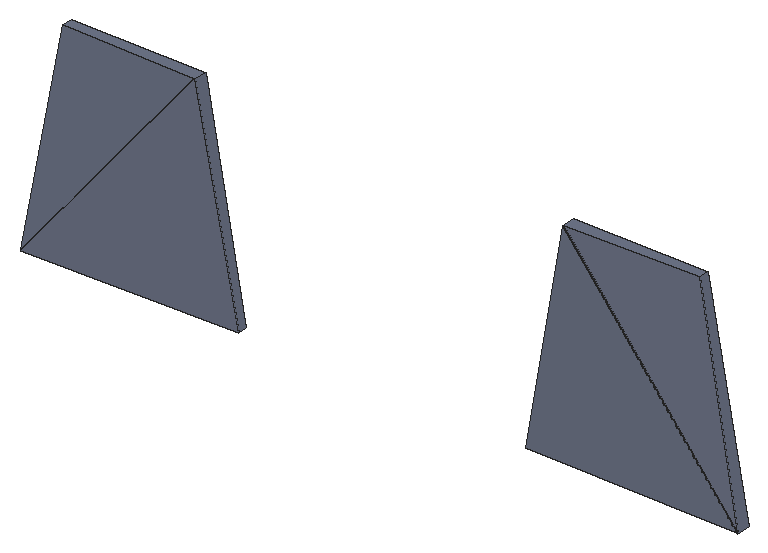
Revit family "Waveline 3D Large(Left + Right)", category Generic Models, Revit 2019
Family settings
  Can host rebar = No
  Round Connector Dimension = Use Diameter
  Part Type = Normal
  Work Plane-Based = No
  Always vertical = Yes
  Cut with Voids When Loaded = No
  Shared = No
  Room Calculation Point = No
Parameters
  Xorel = Meteor 751
Reference planes (in)
  plane 1 "Center (Front/Back)": y = -8.31273
  plane 2: z = 0
  plane 3 "Center (Left/Right)": x = 0
Forms (in)
  Extrusion 1, solid, material "Meteor 751" <- "Xorel"
    sketch origin (7.75555, -8.31273, 0) x (1, 0, 0) y (0, 0, 1)
      loop
        line (6.66701, 22.26778) -> (2.91701, 2.26778) -> (22.91701, 2.26778) -> (19.16701, 22.26778) -> (6.66701, 22.26778)
    from 0 to 1.25
  Extrusion 2, solid, material "Meteor 751"
    sketch origin (-39.24445, -8.06273, 0) x (1, 0, 0) y (0, 0, 1)
      loop
        line (6.66701, 22.26778) -> (2.91701, 2.26778) -> (22.91701, 2.26778) -> (19.16701, 22.26778) -> (6.66701, 22.26778)
    from 0 to 1.25
  Extrusion 3, void
    sketch origin (31.9371, -8.93773, 9.64442) x (0, 1, 0) y (0.777146, 0, 0.62932)
      loop
        line (-0.625, 5.58279) -> (-0.625, -5.625) -> (-0.34481, 5.58279) -> (-0.625, 5.58279)
    from -21.33922 to 5.34446
  Extrusion 4, void
    sketch origin (23.12859, -8.93773, 2.51143) x (0, 1, 0) y (0.777146, 0, 0.62932)
      loop
        line (-0.625, -10.33279) -> (-0.22606, -10.33279) -> (-0.625, 5.625) -> (-0.625, -10.33279)
    from -21.33922 to 5.34446
  Extrusion 5, void
    sketch origin (-28.53996, -8.68773, 2.87922) x (0, 1, 0) y (0.777146, 0, -0.62932)
      loop
        line (-0.625, 11.375) -> (-0.625, -5.625) -> (-0.2, 11.375) -> (-0.625, 11.375)
    from -20.93433 to 5.74935
  Extrusion 6, void
    sketch origin (-37.34847, -8.68773, 10.01221) x (0, 1, 0) y (0.777146, 0, -0.62932)
      loop
        line (-0.625, -11.375) -> (-0.2, -11.375) -> (-0.625, 5.625) -> (-0.625, -11.375)
    from -20.93433 to 5.74935
Cuts and joins
  Extrusion 3, Extrusion 4 cuts Extrusion 1
  Extrusion 5, Extrusion 6 cuts Extrusion 2
Lines and regions (in)
  model lines
    curve 1: line (-20.07744, -8.31273, 22.26778) -> (-36.27312, -8.31273, 2.26778)
Dimensions and locks (in)
  aligned and locked: plane 2 to level
